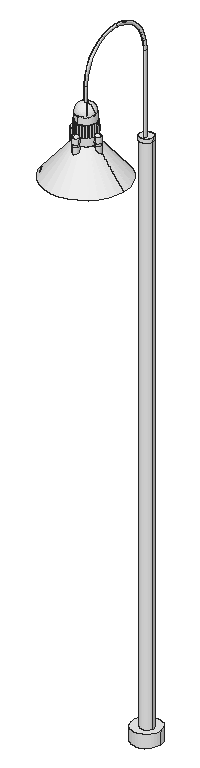
Revit family "RA25", category Lighting Fixtures, Revit 2021 (continued)
Definition of nested family "RA25"
  Forms (in)
    Extrusion 15, solid, material <- "Housing Material"
      sketch origin (-1.46532, 6.29965, 4.01078) x (-1, 0, 0) y (0, -1, 0)
        loop
          circle (0, 10.24564) r 0.75
      from 153.3106 to 155.8106
    Extrusion 16, solid, material <- "Housing Material"
      sketch origin (-1.46532, -6.19162, 4.01078) x (1, 0, 0) y (0, 1, 0)
        loop
          circle (0, 10.24564) r 0.75
      from 153.3106 to 155.8106
    Revolve 17, solid, material <- "Housing Material"
      sketch origin (-0.06358, 0.05401, 8.32138) x (1, 0, 0) y (0, 0, 1)
        loop
          line (-1.40174, 148.85921) -> (-4.89661, 148.85921) -> (-13.90174, 138.5) -> (-13.01689, 138.5) -> (-13.01689, 139.175) -> (-1.40174, 139.175) -> (-1.40174, 148.85921)
        axis (-1.40174, 148.85921) -> (-1.40174, 138.5)
      angle from 0 to 360
    Extrusion 18, solid, material <- "Housing Material"
      sketch origin (4.78032, 0.05401, 1.51078) x (0, 1, 0) y (-1, 0, 0)
        loop
          circle (0, 6.24564) r 3
      from 155.8106 to 164.04982
    Revolve 19, solid, material <- "Housing Material"
      sketch origin (-0.05171, 0.05986, 12.5606) x (1, 0, 0) y (0, 0, 1)
        loop
          line (-1.40174, 156) -> (-1.40174, 155.875)
          arc (-1.40174, 155.875) -> (0.63119, 155.03293) -> (1.47326, 153) r 2.875
          line (1.47326, 153) -> (1.59826, 153)
          arc (1.59826, 153) -> (0.71958, 155.12132) -> (-1.40174, 156) r 3
        axis (-1.40174, 156) -> (-1.40174, 153)
      angle from 0 to 360
    Extrusion 20, solid, material <- "Housing Material"
      sketch origin (4.79219, 0.05986, 4) x (0, 1, 0) y (-1, 0, 0)
        loop
          circle (0, 2.24564) r 1
      from 150.3106 to 153.3106
    Extrusion 21, solid, material <- "Housing Material"
      sketch origin (0.77874, 4.07331, 4) x (0, 1, 0) y (-1, 0, 0)
        loop
          circle (-0.01345, 2.23219) r 1
      from 150.3106 to 153.3106
    Extrusion 22, solid, material <- "Housing Material"
      sketch origin (-3.23471, 0.05986, 4) x (0, 1, 0) y (-1, 0, 0)
        loop
          circle (0, 2.21874) r 0.98655
      from 150.3106 to 153.3106
    Extrusion 23, solid, material <- "Housing Material"
      sketch origin (0.77874, -3.95359, 4) x (0, 1, 0) y (-1, 0, 0)
        loop
          circle (0.01345, 2.23219) r 0.98655
      from 150.3106 to 153.3106
    Extrusion 24, solid
      sketch origin (-2.18498, 4.15718, 0) x (0.866025, 0.5, 0) y (0, 0, 1)
        loop
          line (-10.25, 147.29236) -> (-9.97808, 146.82138) -> (-9.26678, 146.82138) -> (-9.5387, 147.29236) -> (-10.25, 147.29236)
      from 6.27656 to 8.23387
    Extrusion 25, solid
      sketch origin (-3.53022, 6.7198, 0) x (0.866025, 0.5, 0) y (0, 0, 1)
        loop
          line (-10.25, 147.29236) -> (-9.97808, 146.82138) -> (-9.26678, 146.82138) -> (-9.5387, 147.29236) -> (-10.25, 147.29236)
      from 6.27656 to 8.23387
    Extrusion 26, solid
      sketch origin (-4.66154, 9.26395, 0) x (0.866025, 0.5, 0) y (0, 0, 1)
        loop
          line (-10.25, 147.29236) -> (-9.97808, 146.82138) -> (-9.26678, 146.82138) -> (-9.5387, 147.29236) -> (-10.25, 147.29236)
      from 6.27656 to 8.23387
    Extrusion 27, solid
      sketch origin (1.06502, 3.65718, 0) x (0.866025, 0.5, 0) y (0, 0, 1)
        loop
          line (-10.25, 147.29236) -> (-9.97808, 146.82138) -> (-9.26678, 146.82138) -> (-9.5387, 147.29236) -> (-10.25, 147.29236)
      from 6.27656 to 8.23387
    Extrusion 28, solid
      sketch origin (-0.43498, 6.25526, 0) x (0.866025, 0.5, 0) y (0, 0, 1)
        loop
          line (-10.25, 147.29236) -> (-9.97808, 146.82138) -> (-9.26678, 146.82138) -> (-9.5387, 147.29236) -> (-10.25, 147.29236)
      from 6.27656 to 8.23387
    Extrusion 29, solid
      sketch origin (-1.70284, 8.97418, 0) x (0.866025, 0.5, 0) y (0, 0, 1)
        loop
          line (-10.25, 147.29236) -> (-9.97808, 146.82138) -> (-9.26678, 146.82138) -> (-9.5387, 147.29236) -> (-10.25, 147.29236)
      from 6.27656 to 8.23387
    Extrusion 30, solid
      sketch origin (-2.18498, -4.15718, 0) x (0.866025, -0.5, 0) y (0, 0, -1)
        loop
          line (-10.25, -147.29236) -> (-9.5387, -147.29236) -> (-9.26678, -146.82138) -> (-9.97808, -146.82138) -> (-10.25, -147.29236)
      from 6.27656 to 8.23387
    Extrusion 31, solid
      sketch origin (-3.53022, -6.7198, 0) x (0.866025, -0.5, 0) y (0, 0, -1)
        loop
          line (-10.25, -147.29236) -> (-9.5387, -147.29236) -> (-9.26678, -146.82138) -> (-9.97808, -146.82138) -> (-10.25, -147.29236)
      from 6.27656 to 8.23387
    Extrusion 32, solid
      sketch origin (1.06502, -3.65718, 0) x (0.866025, -0.5, 0) y (0, 0, -1)
        loop
          line (-10.25, -147.29236) -> (-9.5387, -147.29236) -> (-9.26678, -146.82138) -> (-9.97808, -146.82138) -> (-10.25, -147.29236)
      from 6.27656 to 8.23387
    Extrusion 33, solid
      sketch origin (-0.43498, -6.25526, 0) x (0.866025, -0.5, 0) y (0, 0, -1)
        loop
          line (-10.25, -147.29236) -> (-9.5387, -147.29236) -> (-9.26678, -146.82138) -> (-9.97808, -146.82138) -> (-10.25, -147.29236)
      from 6.27656 to 8.23387
    Extrusion 34, solid
      sketch origin (-1.70284, -8.97418, 0) x (0.866025, -0.5, 0) y (0, 0, -1)
        loop
          line (-10.25, -147.29236) -> (-9.5387, -147.29236) -> (-9.26678, -146.82138) -> (-9.97808, -146.82138) -> (-10.25, -147.29236)
      from 6.27656 to 8.23387
    Extrusion 35, solid
      sketch origin (-0.44002, 4.15718, 0) x (-0.866025, 0.5, 0) y (0, 0, -1)
        loop
          line (-10.25, -147.29236) -> (-9.5387, -147.29236) -> (-9.26678, -146.82138) -> (-9.97808, -146.82138) -> (-10.25, -147.29236)
      from 6.27656 to 8.23387
    Extrusion 36, solid
      sketch origin (0.90522, 6.7198, 0) x (-0.866025, 0.5, 0) y (0, 0, -1)
        loop
          line (-10.25, -147.29236) -> (-9.5387, -147.29236) -> (-9.26678, -146.82138) -> (-9.97808, -146.82138) -> (-10.25, -147.29236)
      from 6.27656 to 8.23387
    Extrusion 37, solid
      sketch origin (2.03654, 9.26395, 0) x (-0.866025, 0.5, 0) y (0, 0, -1)
        loop
          line (-10.25, -147.29236) -> (-9.5387, -147.29236) -> (-9.26678, -146.82138) -> (-9.97808, -146.82138) -> (-10.25, -147.29236)
      from 6.27656 to 8.23387
    Extrusion 38, solid
      sketch origin (-3.69002, 3.65718, 0) x (-0.866025, 0.5, 0) y (0, 0, -1)
        loop
          line (-10.25, -147.29236) -> (-9.5387, -147.29236) -> (-9.26678, -146.82138) -> (-9.97808, -146.82138) -> (-10.25, -147.29236)
      from 6.27656 to 8.23387
    Extrusion 39, solid
      sketch origin (-2.19002, 6.25526, 0) x (-0.866025, 0.5, 0) y (0, 0, -1)
        loop
          line (-10.25, -147.29236) -> (-9.5387, -147.29236) -> (-9.26678, -146.82138) -> (-9.97808, -146.82138) -> (-10.25, -147.29236)
      from 6.27656 to 8.23387
    Extrusion 40, solid
      sketch origin (-0.92216, 8.97418, 0) x (-0.866025, 0.5, 0) y (0, 0, -1)
        loop
          line (-10.25, -147.29236) -> (-9.5387, -147.29236) -> (-9.26678, -146.82138) -> (-9.97808, -146.82138) -> (-10.25, -147.29236)
      from 6.27656 to 8.23387
    Extrusion 41, solid
      sketch origin (-0.44002, -4.15718, 0) x (-0.866025, -0.5, 0) y (0, 0, 1)
        loop
          line (-10.25, 147.29236) -> (-9.97808, 146.82138) -> (-9.26678, 146.82138) -> (-9.5387, 147.29236) -> (-10.25, 147.29236)
      from 6.27656 to 8.23387
    Extrusion 42, solid
      sketch origin (0.90522, -6.7198, 0) x (-0.866025, -0.5, 0) y (0, 0, 1)
        loop
          line (-10.25, 147.29236) -> (-9.97808, 146.82138) -> (-9.26678, 146.82138) -> (-9.5387, 147.29236) -> (-10.25, 147.29236)
      from 6.27656 to 8.23387
    Extrusion 43, solid
      sketch origin (-3.69002, -3.65718, 0) x (-0.866025, -0.5, 0) y (0, 0, 1)
        loop
          line (-10.25, 147.29236) -> (-9.97808, 146.82138) -> (-9.26678, 146.82138) -> (-9.5387, 147.29236) -> (-10.25, 147.29236)
      from 6.27656 to 8.23387
    Extrusion 44, solid
      sketch origin (-2.19002, -6.25526, 0) x (-0.866025, -0.5, 0) y (0, 0, 1)
        loop
          line (-10.25, 147.29236) -> (-9.97808, 146.82138) -> (-9.26678, 146.82138) -> (-9.5387, 147.29236) -> (-10.25, 147.29236)
      from 6.27656 to 8.23387
    Extrusion 45, solid
      sketch origin (-0.92216, -8.97418, 0) x (-0.866025, -0.5, 0) y (0, 0, 1)
        loop
          line (-10.25, 147.29236) -> (-9.97808, 146.82138) -> (-9.26678, 146.82138) -> (-9.5387, 147.29236) -> (-10.25, 147.29236)
      from 6.27656 to 8.23387
  Dimensions and locks (in)
    aligned and locked: plane 2 to level
    aligned and locked: Revolve 10 to Revolve 9 sketch curve
Definition of nested family "Notation"
  Parameters
    Notation = "LF"
  Reference planes (in)
    plane 1: y = 0
    plane 2: x = 0
  Text (in)
    label "Notation" at (0.02149, 0.07192, 0), shows "Notation"
Types (5): name | 4C | 3Y | 2
  (no name) | no | no | no
  RA25-1A | no | no | no
  RA25-2B | no | no | yes
  RA25-3Y | no | yes | no
  RA25-4C | yes | no | yes
